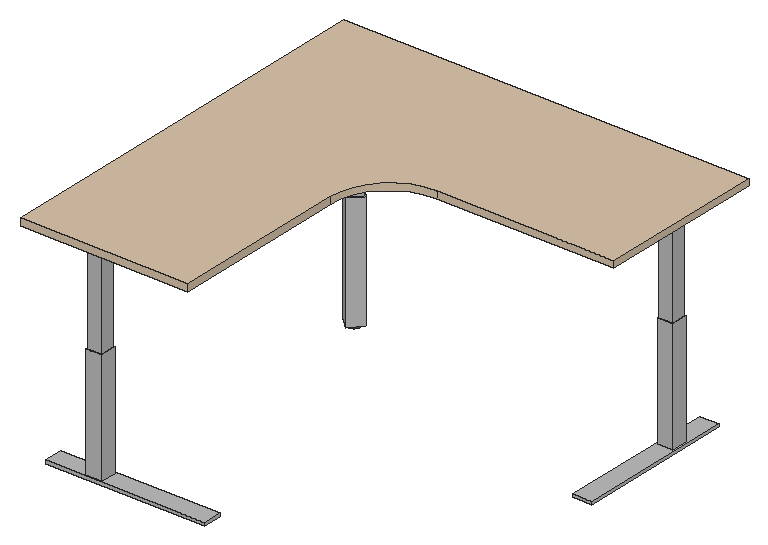
Revit family "Haworth_Planes_HeightAdjustTable_Corner90_WrapAround", category Furniture Systems, Revit 2018
Family settings
  Round Connector Dimension = Use Diameter
  Part Type = Normal
  OmniClass Number = 23.40.70.14.64.21
  OmniClass Title = Systems Furniture
  Work Plane-Based = No
  Always vertical = Yes
  Cut with Voids When Loaded = No
  Shared = No
  Room Calculation Point = No
Parameters (values of type "70" x 70" x 29"")
  Width = 70"
  Warranty = "https://www.haworth.com/resources/product-info/warranties"
  URL - Product = "https://www.haworth.com/products/tables/height-adjustable/planes"
  Table Finish [instance] = Haworth _ Laminate _ Maple H-AE
  Table Edge Finish [instance] = Haworth _ Laminate _ Maple H-AE
  Radius = if(and(Depth > 22 1/2", Width < 40"), 4 1/4", 10 1/4")  # 10 1/4"
  Model = "TACR, TACE"  # constant formula
  Min/Max Width = "40-70 in. @ 6 in. increment"  # constant formula
  Min/Max Length = "46-70 in. @ 6 in. increment"  # constant formula
  Min/Max Depth = "23 or 29 in."  # constant formula
  Min. Height = 27"  # constant formula
  Min. Width = 40"  # constant formula
  Min. Depth = 23"  # constant formula
  Max. Height = 46"  # constant formula
  Max. Width = 70"  # constant formula
  Max. Depth = 29"  # constant formula
  Length = 70"
  URL = "www.haworth.com"
  Support Height = Actual Height - Top Thickness  # 38 13/16"
  Size = "Verify Final Dim. w/ Haworth"  # constant formula
  Revision Number = "2"  # constant formula
  Min. Length = 46"  # constant formula
  Max. Length = 70"  # constant formula
  Manufacturer = "Haworth"  # constant formula
  Leg Inset Length = if(Depth > 22 1/2", 6", 8")  # 6"
  Leg Finish [instance] = Haworth _ Paint _ Metallic Champagne
  Knife Edge = not(Edgeband)  # no
  Height = 40"
  Edgeband = yes
  Description = "Haworth Planes - HAT Corner-90 - WrapAround - 70\" x 70\" x 29\""
  Depth = 29"
  Custom Size = not(and(or(Width = 40", Width = 46", Width = 52", Width = 58", Width = 64", Width = 70"), or(Length = 46", Length = 52", Length = 58", Length = 64", Length = 70")))  # no
  Base Tube Finish = Haworth _ Paint _ Smoke
  Back Leg Offset = if(Actual Depth < 27", 6 3/32", 9 3/32")  # 9 3/32"
  Author = "Haworth (Hampton, Alias)"  # constant formula
  Assembly Code = "E2020200"
  Actual Width = if(Width > Max. Width, Max. Width, if(Width < Min. Width, Min. Width, Width))  # 70"
  Actual Length = if(Length > Max. Length, Max. Length, if(Length < Min. Length, Min. Length, Length))  # 70"
  Actual Height = if(Height > Max. Height, Max. Height, if(Height < Min. Height, Min. Height, Height))  # 40"
  Top Thickness = 1 3/16"  # constant formula
  Actual Depth = if(Depth > Max. Depth, Max. Depth, if(Depth < Min. Depth, Min. Depth, Depth))  # 29"
  23 Deep = Actual Depth < 27"  # no
Types (4): name | Width | Warranty | URL - Product | Length | Description | Depth | Back Leg Offset | Actual Width | Actual Length | Actual Depth | 23 Deep
  70" x 70" x 29" | 70" | "https://www.haworth.com/resources/product-info/warranties" | "https://www.haworth.com/products/tables/height-adjustable/planes" | 70" | "Haworth Planes - HAT Corner-90 - WrapAround - 70\" x 70\" x 29\"" | 29" | 9 3/32" | 70" | 70" | 29" | no
  52" x 52" x 23" | 52" | "www.haworth.com/en-us/Products/Pages/Certifications.aspx" | "http://www.haworth.com/en-us/Products/Furniture/Systems/Desking-Systems/Pages/Compose.aspx" | 52" | "Haworth Planes - HAT Corner-90 - WrapAround - 52\" x 52\" x 23\"" | 23" | 6 3/32" | 52" | 52" | 23" | yes
  46" x 58" x 23" | 46" | "www.haworth.com/en-us/Products/Pages/Certifications.aspx" | "http://www.haworth.com/en-us/Products/Furniture/Systems/Desking-Systems/Pages/Compose.aspx" | 58" | "Haworth Planes - HAT Corner-90 - WrapAround - 46\" x 58\" x 23\"" | 23" | 6 3/32" | 46" | 58" | 23" | yes
  64" x 70" x 29" | 64" | "www.haworth.com/en-us/Products/Pages/Certifications.aspx" | "http://www.haworth.com/en-us/Products/Furniture/Systems/Desking-Systems/Pages/Compose.aspx" | 70" | "Haworth Planes - HAT Corner-90 - WrapAround - 64\" x 70\" x 29\"" | 29" | 9 3/32" | 64" | 70" | 29" | no
Reference planes (in)
  plane 1 "Center F/B": y = -0.5
  plane 2 "Floor": z = 0
  plane 3 "Center L/R": x = 6
  plane 4 "Top": z = 40
  plane 5 "Table Bottom": z = 38.8125
  plane 6 "Back": y = 8.59375
  plane 7 "Left": x = -29
  plane 8 "Inside Front": y = -20.40625
  plane 9 "Right": x = 41
  plane 10 "Front": y = -61.40625
  plane 11 "Inside Right": x = 0
  plane 12: x = -19.90625
  plane 13 "masking region": z = 38
  plane 14 "Right Leg": x = 35
  plane 15 "Left Leg": y = -55.40625
  plane 16 "Center FB": y = -26.40625
  plane 17 "Centre Angle": through (-29, 8.59375, 48) normal (0.7071, 0.7071, 0)
  plane 18 "Leg Post Angle": through (-19.90625, -0.5, 48) normal (-0.7071, 0.7071, 0)
Dimensions and locks (in)
  "Actual Height": plane 4 "Top" to level
  "Top Thickness": plane 4 "Top" to plane 5 "Table Bottom"
  "Actual Width": plane 9 "Right" to plane 7 "Left"
  equal spacing: plane 9 "Right", plane 3 "Center L/R", plane 7 "Left"
  "Actual Depth": plane 6 "Back" to plane 8 "Inside Front"
  "Depth": plane 7 "Left" to plane 11 "Inside Right"
  "Actual Length": plane 6 "Back" to plane 10 "Front"
  locked: plane 4 "Top" to plane 13 "masking region" at 2
  "Leg Inset Length": plane 14 "Right Leg" to plane 9 "Right"
  "Leg Inset Length": plane 15 "Left Leg" to plane 10 "Front"
  "Back Leg Offset": plane 7 "Left" to plane 12
  "Back Leg Offset": plane 6 "Back" to plane 1 "Center F/B"
  equal spacing: plane 6 "Back", plane 16 "Center FB", plane 10 "Front"
  aligned and locked: plane 2 "Floor" to nested 1
  aligned and locked: plane 6 "Back" to nested 1
  aligned and locked: nested 1 to plane 7 "Left"
  aligned and locked: plane 2 "Floor" to nested 2
  aligned and locked: nested 3 to plane 2 "Floor"
  aligned and locked: nested 3 to plane 1 "Center F/B"
  aligned and locked: plane 14 "Right Leg" to nested 3
  aligned and locked: plane 15 "Left Leg" to nested 2
  aligned and locked: nested 2 to plane 12
  aligned and locked: plane 2 "Floor" to nested 4
  aligned and locked: plane 17 "Centre Angle" to nested 4
  aligned and locked: nested 4 to plane 18 "Leg Post Angle"
Nested families (in)
  nested 1: "Haworth_Planes_Worksurface_Corner90WrapAround_Part" at (-9, -26.40625, 0), type "Worksurface"
    with Actual Width 70", Actual Length 70", Actual Height 40", Actual Depth 29"
  nested 2: "Haworth_Support-Height_Adjustable_Leg_Part" at (-19.90625, -55.40625, 0) x (0, 1, 0) z (0, 0, 1), type "Leg"
    with Top Support Front 14 1/8", Leg Length Middle 9 1/8", Leg Length Front 19 5/16", Leg Length Back 8 1/8", Leg Height 38 13/16", Actual Depth 27 7/16", 29 Deep yes, 23 Deep no
  nested 3: "Haworth_Support-Height_Adjustable_Leg_Part" at (35, -0.5, 0) x (-1, 0, 0) z (0, 0, 1), type "Leg"
    with Top Support Front 14 1/8", Leg Length Middle 9 1/8", Leg Length Front 19 5/16", Leg Length Back 8 1/8", Leg Height 38 13/16", Actual Depth 27 7/16", 29 Deep yes, 23 Deep no
  nested 4: "Haworth_Support-Height_Adjustable_Leg-Post_Part" at (-19.90625, -0.5, 0) x (0.7071, 0.7071, 0) z (0, 0, 1), type "Leg"
Definition of nested family "Haworth_Planes_Worksurface_Corner90WrapAround_Part"
  Parameters (values of type "Worksurface")
    Warranty = "http://www.haworth.com/resources/product-info/warranties"
    URL - Product = ""
    URL = "www.haworth.com"
    Thickness = 1 3/16"  # constant formula
    Table Finish = none
    Table Edge Finish = none
    Size = "Verify Final Dim. w/ Haworth"  # constant formula
    Revision Number = ""
    Radius 2 = Radius + 2"  # 12 1/4"
    Radius = if(and(Actual Depth > 24", Actual Width < 42"), 4 1/4", 10 1/4")  # 10 1/4"
    Model = "Haworth Planes"  # constant formula
    Manufacturer = "Haworth"  # constant formula
    Knife Edge = no
    Edgeband = yes
    Description = "Haworth Planes Worksurface - Part"
    Author = "Haworth (Alias)"  # constant formula
    Assembly Code = ""
    Actual Width = 40"
    Actual Length = 40"
    Actual Height = 29"
    Actual Depth = 23"
  Reference planes (in)
    plane 1 "Center F/B": y = 15
    plane 2: z = 0
    plane 3 "Center L/R": x = 0
    plane 4 "Table Front": y = 35
    plane 5 "Table Right": x = 20
    plane 6 "Table Left": x = -20
    plane 7 "Table Back": y = -5
    plane 8 "Table Top": z = 29
    plane 9 "Table Bottom": z = 27.8125
    plane 10 "Knife Edge Middle": z = 28.625
    plane 11: through (-20, 35, 48) normal (0.7071, 0.7071, 0)
    plane 12 "Inside Flat 1": x = 3
    plane 13 "Inside Flat 2": y = 12
  Forms (in)
    Extrusion 1, solid, material <- "Table Finish", visible <- "Edgeband"
      sketch origin (0, 0, 0) x (1, 0, 0) y (0, 1, 0)
        loop
          line (-20, 35) -> (-20, -5) -> (3, -5) -> (3, 1.75)
          arc (3, 1.75) -> (6.00216, 8.99784) -> (13.25, 12) r 10.25
          line (13.25, 12) -> (20, 12) -> (20, 35) -> (-20, 35)
      from 27.8125 to 29
    Extrusion 2, solid, material <- "Table Finish", visible <- "Knife Edge"
      sketch origin (0, 0, 0) x (1, 0, 0) y (0, 1, 0)
        loop
          line (20, 12) -> (20, 35) -> (-20, 35) -> (-20, -5) -> (3, -5) -> (3, 1.75)
          arc (3, 1.75) -> (6.00216, 8.99784) -> (13.25, 12) r 10.25
          line (13.25, 12) -> (20, 12)
      from 29 to 28.625
    Blend 3, solid, material <- "Table Finish", visible <- "Knife Edge"
      base sketch origin (0, 0, 0) x (1, 0, 0) y (0, 1, 0)
        loop
          line (20, 14) -> (20, 35) -> (-20, 35) -> (-20, -5) -> (1, -5) -> (1, 1.75)
          arc (1, 1.75) -> (4.58794, 10.41206) -> (13.25, 14) r 12.25
          line (13.25, 14) -> (20, 14)
      top sketch origin (0, 0, 0) x (1, 0, 0) y (0, 1, 0)
        loop
          line (20, 12) -> (20, 35) -> (-20, 35) -> (-20, -5) -> (3, -5) -> (3, 1.75)
          arc (3, 1.75) -> (6.00216, 8.99784) -> (13.25, 12) r 10.25
          line (13.25, 12) -> (20, 12)
      from 27.8125 to 28.625
  Cuts and joins
    joined: Extrusion 2, Blend 3
  Lines and regions (in)
    Masking region 1
      outline origin (0, 0, 0) x (1, 0, 0) y (0, 1, 0)
        loop
          line (-20, 35) -> (-20, -5) -> (3, -5) -> (3, 1.75)
          arc (3, 1.75) -> (6.00216, 8.99784) -> (13.25, 12) r 10.25
          line (13.25, 12) -> (20, 12) -> (20, 35) -> (-20, 35)
    symbolic lines, visible <- "Knife Edge", detail levels medium+fine
      curve 1: line (1, 1.75, 0) -> (1, -5, 0)
      curve 2: arc (13.25, 14, 0) -> (4.58794, 10.41206, 0) -> (1, 1.75, 0) r 12.25
      curve 3: line (20, 14, 0) -> (13.25, 14, 0)
  Dimensions and locks (in)
    "Actual Width": plane 6 "Table Left" to plane 5 "Table Right"
    equal spacing: plane 6 "Table Left", plane 3 "Center L/R", plane 5 "Table Right"
    equal spacing: plane 4 "Table Front", plane 1 "Center F/B", plane 7 "Table Back"
    "Thickness": plane 8 "Table Top" to plane 9 "Table Bottom"
    "Actual Height": plane 8 "Table Top" to level
    locked: plane 8 "Table Top" to plane 10 "Knife Edge Middle" at 0.375
    "Actual Length": plane 4 "Table Front" to plane 7 "Table Back"
    "Actual Depth": plane 6 "Table Left" to plane 12 "Inside Flat 1"
    "Actual Depth": plane 13 "Inside Flat 2" to plane 4 "Table Front"
    locked: Blend 3 sketch curve to plane 12 "Inside Flat 1" at 2
    locked: plane 13 "Inside Flat 2" to Blend 3 sketch curve at 2
    "Radius": radius of Extrusion 1 sketch curve
    "Radius 2": radius of Blend 3 sketch curve
    "Radius": radius of Extrusion 2 sketch curve
    "Radius": radius of Blend 3 sketch curve
    "Radius": radius of Masking region 1 sketch curve
    aligned and locked: Extrusion 1 sketch curve to plane 4 "Table Front"
    aligned and locked: plane 8 "Table Top" to Extrusion 1
    aligned and locked: Extrusion 1 to plane 9 "Table Bottom"
    aligned and locked: Masking region 1 sketch curve to plane 7 "Table Back"
    aligned and locked: plane 6 "Table Left" to Masking region 1 sketch curve
    aligned and locked: Masking region 1 sketch curve to plane 4 "Table Front"
    aligned and locked: plane 5 "Table Right" to Masking region 1 sketch curve
    aligned and locked: cut or joined group of Extrusion 2, Blend 3 to plane 10 "Knife Edge Middle"
    aligned and locked: plane 8 "Table Top" to cut or joined group of Extrusion 2, Blend 3
    aligned and locked: Blend 3 to plane 10 "Knife Edge Middle"
    aligned and locked: Blend 3 to plane 9 "Table Bottom"
    aligned and locked: plane 7 "Table Back" to Extrusion 1 sketch curve
    aligned and locked: plane 5 "Table Right" to Extrusion 1 sketch curve
    aligned and locked: plane 6 "Table Left" to Extrusion 1 sketch curve
    aligned and locked: plane 7 "Table Back" to Blend 3 sketch curve  (x2)
    aligned and locked: Blend 3 sketch curve to plane 5 "Table Right"  (x2)
    aligned and locked: Blend 3 sketch curve to plane 6 "Table Left"  (x2)
    aligned and locked: plane 4 "Table Front" to Blend 3 sketch curve  (x2)
    aligned and locked: Extrusion 2 sketch curve to plane 5 "Table Right"
    aligned and locked: plane 12 "Inside Flat 1" to Extrusion 1 sketch curve
    aligned and locked: Extrusion 1 sketch curve to plane 13 "Inside Flat 2"
    aligned and locked: plane 7 "Table Back" to Extrusion 2 sketch curve
    aligned and locked: plane 4 "Table Front" to Extrusion 2 sketch curve
    aligned and locked: Extrusion 2 sketch curve to plane 6 "Table Left"
    aligned and locked: plane 12 "Inside Flat 1" to Extrusion 2 sketch curve
    aligned and locked: Extrusion 2 sketch curve to plane 13 "Inside Flat 2"
    aligned and locked: Blend 3 sketch curve to plane 13 "Inside Flat 2"
    aligned and locked: plane 12 "Inside Flat 1" to Blend 3 sketch curve
    aligned and locked: Masking region 1 sketch curve to plane 13 "Inside Flat 2"
    aligned and locked: plane 12 "Inside Flat 1" to Masking region 1 sketch curve
    aligned and locked: curve 2 to cut or joined group of Extrusion 2, Blend 3
    aligned and locked: curve 3 to cut or joined group of Extrusion 2, Blend 3
  Automatic sketch dimensions
    plane 7 "Table Back" to curve 1 = 0"
    curve 3 to plane 5 "Table Right" = 0"
Definition of nested family "Haworth_Support-Height_Adjustable_Leg_Part"
  Parameters (values of type "Leg")
    URL = "www.haworth.com"
    Top Support Front = if([29 Deep], 14 1/8", 8 1/8")  # 8 1/8"
    Note = "Verify Final Dim. w/ Haworth"  # constant formula
    Manufacturer = "Haworth"  # constant formula
    Leg Length Middle = if([29 Deep], 9 1/8", 7 1/8")  # 7 1/8"
    Leg Length Front = if([29 Deep], 19 5/16", 16 5/16")  # 16 5/16"
    Leg Length Back = if([29 Deep], 8 1/8", 5 1/8")  # 5 1/8"
    Leg Height = 27 13/16"
    Leg Finish = none
    Glide Finish = none
    Base Tube Finish = none
    Assembly Code = ""
    Actual Depth = if([29 Deep], 27 7/16", 21 7/16")  # 21 7/16"
    29 Deep = not([23 Deep])  # no
    23 Deep = yes
  Reference planes (in)
    plane 1 "Center (Front/Back)": y = 0
    plane 2 "Bottom": z = 0
    plane 3 "Center (Left/Right)": x = 0
    plane 4 "Bottom of Top": z = 27.8125
    plane 5: z = 0.375
    plane 6: y = 2.4375
    plane 7: y = -12.125
    plane 8: x = 1.375
    plane 9: x = -1.375
    plane 10: x = -1.625
    plane 11: x = 1.625
    plane 12: y = 5.125
    plane 13: y = -16.3125
    plane 14: y = -14.9375
    plane 15: y = 3.9375
    plane 16 "Support Bottom": z = 25.1875
    plane 17: y = 7.875
    plane 18: y = -8.125
    plane 19 "Top Base": z = 0.875
    plane 20 "Top of Leg": z = 20.4375
  Forms (in)
    Extrusion 1, solid, material <- "Leg Finish"
      sketch origin (0, 0, 0) x (0, -1, 0) y (0, 0, -1)
        loop
          line (16.3125, -0.375) -> (-5.125, -0.375) -> (-5.125, -0.875) -> (16.3125, -0.875) -> (16.3125, -0.375)
      from -1.625 to 1.625
    Extrusion 2, solid, material <- "Leg Finish"
      sketch origin (0, 0, 2.5625) x (-1, 0, 0) y (0, -1, 0)
        loop
          line (1.375, -1.375) -> (1.375, 1.375) -> (-1.375, 1.375) -> (-1.375, -1.375) -> (1.375, -1.375)
      from -1.6875 to 17.875
    Extrusion 3, solid, material <- "Leg Finish"
      sketch origin (-1.375, -19.87459, 48) x (0, -1, 0) y (0, 0, -1)
        loop
          line (-10.24959, 20.1875) -> (-10.24959, 21.66628) -> (-16.14638, 22.8125) -> (-20.66006, 22.8125) -> (-26.24959, 20.55418) -> (-26.24959, 20.1875) -> (-10.24959, 20.1875)
      from 0 to -0.125
    Extrusion 4, solid, material <- "Base Tube Finish"
      sketch origin (0, 0, 2.5625) x (-1, 0, 0) y (0, -1, 0)
        loop
          line (1.1875, -1.1875) -> (1.1875, 1.1875) -> (-1.1875, 1.1875) -> (-1.1875, -1.1875) -> (1.1875, -1.1875)
      from 17.875 to 25.25
    Extrusion 5, solid, material <- "Glide Finish"
      sketch origin (0, 0, 0) x (1, 0, 0) y (0, 1, 0)
        loop
          circle (0, 2.4375) r 1.12339
        loop
          circle (0, -12.125) r 1.12816
      from 0 to 0.375
  Cuts and joins
    joined: Extrusion 1, Extrusion 2
  Lines and regions (in)
    Masking region 1, detail levels medium+fine
      outline origin (0, 0, 0) x (1, 0, 0) y (0, 1, 0)
        loop
          line (-1.625, -16.3125) -> (1.625, -16.3125) -> (1.625, 5.125) -> (-1.625, 5.125) -> (-1.625, -16.3125)
    symbolic lines, detail levels medium+fine
      curve 1: line (-1.375, 1.375, 0) -> (1.375, 1.375, 0)
      curve 2: line (-1.375, -1.375, 0) -> (-1.375, 1.375, 0)
      curve 3: line (1.375, -1.375, 0) -> (-1.375, -1.375, 0)
      curve 4: line (1.375, 1.375, 0) -> (1.375, -1.375, 0)
  Dimensions and locks (in)
    "Leg Height": plane 4 "Bottom of Top" to level
    level to plane 5 = 3/8"
    locked: plane 9 to plane 8 at 2.75
    locked: plane 10 to plane 11 at 3.25
    equal spacing: plane 10, plane 3 "Center (Left/Right)", plane 11
    equal spacing: plane 9, plane 3 "Center (Left/Right)", plane 8
    locked: plane 4 "Bottom of Top" to plane 16 "Support Bottom" at 2.625
    Extrusion 2 sketch curve to plane 1 "Center (Front/Back)" to Extrusion 2 sketch curve = 1 3/8", 1 3/8"
    "Leg Length Front": plane 13 to plane 1 "Center (Front/Back)"
    "Leg Length Back": plane 1 "Center (Front/Back)" to plane 12
    locked: plane 13 to plane 14 at 1.375
    locked: plane 14 to plane 7 at 2.8125
    locked: plane 15 to plane 12 at 1.1875
    locked: plane 6 to plane 15 at 1.5
    plane 1 "Center (Front/Back)" to plane 12 = 5 1/8"
    "Top Support Front": plane 18 to plane 1 "Center (Front/Back)"
    plane 19 "Top Base" to plane 5 to plane 2 "Bottom" = 1/2" locked, 3/8" locked
    locked: plane 20 "Top of Leg" to plane 2 "Bottom" at 20.4375
    angle plane 4 "Bottom of Top" to Extrusion 3 sketch curve = 22.00°
    angle Extrusion 3 sketch curve to plane 4 "Bottom of Top" = 11.00°
    aligned and locked: plane 11 to Extrusion 1
    aligned and locked: Extrusion 1 to plane 10
    aligned and locked: plane 9 to Extrusion 2 sketch curve
    aligned and locked: Extrusion 2 sketch curve to plane 8
    aligned: plane 4 "Bottom of Top" to Extrusion 2
    aligned and locked: Extrusion 3 sketch curve to plane 16 "Support Bottom"
    aligned and locked: Extrusion 3 sketch curve to plane 4 "Bottom of Top"
    aligned and locked: plane 4 "Bottom of Top" to Extrusion 4
    aligned and locked: Extrusion 2 to Extrusion 1
    aligned and locked: Masking region 1 sketch curve to plane 11
    aligned and locked: plane 10 to Masking region 1 sketch curve
    aligned and locked: plane 13 to Masking region 1 sketch curve
    aligned and locked: curve 1 to cut or joined group of Extrusion 1, Extrusion 2
    aligned and locked: curve 2 to cut or joined group of Extrusion 1, Extrusion 2
    aligned and locked: curve 3 to cut or joined group of Extrusion 1, Extrusion 2
    aligned and locked: curve 4 to cut or joined group of Extrusion 1, Extrusion 2
    aligned and locked: Extrusion 5 to plane 2 "Bottom"
    aligned and locked: plane 5 to cut or joined group of Extrusion 1, Extrusion 2
    aligned and locked: Extrusion 5 to plane 5
    aligned and locked: plane 19 "Top Base" to cut or joined group of Extrusion 1, Extrusion 2
    aligned and locked: cut or joined group of Extrusion 1, Extrusion 2 to plane 19 "Top Base"
    aligned and locked: plane 20 "Top of Leg" to cut or joined group of Extrusion 1, Extrusion 2
    aligned and locked: Extrusion 4 to plane 20 "Top of Leg"
    aligned and locked: Extrusion 4 to plane 4 "Bottom of Top"
  Automatic sketch dimensions
    plane 17 to Extrusion 3 sketch curve = 1 1/2"
    plane 18 to Extrusion 3 sketch curve = 1 1/2"
    plane 1 "Center (Front/Back)" to Extrusion 3 sketch curve = 0.78546"
    Extrusion 3 sketch curve to plane 1 "Center (Front/Back)" = 3.72822"
    Extrusion 4 sketch curve to plane 8 = 3/16"
    plane 9 to Extrusion 4 sketch curve = 3/16"
    Extrusion 4 sketch curve to plane 1 "Center (Front/Back)" = 1 3/16"
    plane 1 "Center (Front/Back)" to Extrusion 4 sketch curve = 1 3/16"
    Extrusion 5 sketch curve to plane 3 "Center (Left/Right)" = 0"  (x2)
    Extrusion 5 sketch curve to plane 7 = 0"
    Extrusion 5 sketch curve to plane 6 = 0"
    Extrusion 1 sketch curve to plane 12 = 0"
    Extrusion 1 sketch curve to plane 13 = 0"
    Extrusion 1 sketch curve to level = 3/8"
    Extrusion 1 sketch curve to Extrusion 1 sketch curve = 1/2"
    Masking region 1 sketch curve to plane 12 = 0"
    radius of Extrusion 5 sketch curve = 1.12339"
    radius of Extrusion 5 sketch curve = 1.12816"
Definition of nested family "Haworth_Support-Height_Adjustable_Leg-Post_Part"
  Parameters (values of type "Leg")
    URL = "www.haworth.com"
    Support Finish = none
    Note = "Verify Final Dim. w/ Haworth"  # constant formula
    Manufacturer = "Haworth"  # constant formula
    Leg Height = 38 13/16"
    Leg Finish = none
    Glide Finish = none
    Assembly Code = ""
  Reference planes (in)
    plane 1 "Center (Front/Back)": y = 0
    plane 2 "Bottom": z = 0
    plane 3 "Center (Left/Right)": x = 0
    plane 4 "Bottom of Top": z = 38.8125
    plane 5: z = 0.375
    plane 6: x = 1.375
    plane 7: x = -1.375
    plane 8 "Top of Leg": z = 20.4375
    plane 9: y = 8.03721
    plane 10: y = -8.03721
  Forms (in)
    Extrusion 1, solid, material <- "Leg Finish"
      sketch origin (0, 0, 2.5625) x (-1, 0, 0) y (0, -1, 0)
        loop
          line (1.375, -1.375) -> (1.375, 1.375) -> (-1.375, 1.375) -> (-1.375, -1.375) -> (1.375, -1.375)
      from -2.1875 to 17.875
    Extrusion 2, solid, material <- "Support Finish"
      sketch origin (0, 0, 2.5625) x (-1, 0, 0) y (0, -1, 0)
        loop
          line (1.1875, -1.1875) -> (1.1875, 1.1875) -> (-1.1875, 1.1875) -> (-1.1875, -1.1875) -> (1.1875, -1.1875)
      from 17.875 to 36.25
    Extrusion 3, solid, material <- "Glide Finish"
      sketch origin (0, 0, 0) x (1, 0, 0) y (0, 1, 0)
        loop
          circle (0, 0) r 1.12339
      from 0 to 0.375
  Lines and regions (in)
    Masking region 1, detail levels medium+fine
      outline origin (0, 0, 0) x (1, 0, 0) y (0, 1, 0)
        loop
          line (-1.375, 1.375) -> (-1.375, -1.375) -> (1.375, -1.375) -> (1.375, 1.375) -> (-1.375, 1.375)
  Dimensions and locks (in)
    level to plane 5 = 3/8"
    locked: plane 7 to plane 6 at 2.75
    equal spacing: plane 7, plane 3 "Center (Left/Right)", plane 6
    Extrusion 1 sketch curve to plane 1 "Center (Front/Back)" to Extrusion 1 sketch curve = 1 3/8", 1 3/8"
    plane 8 "Top of Leg" to level = 20 7/16"
    plane 3 "Center (Left/Right)" to Extrusion 1 = 1 3/8"
    locked: plane 8 "Top of Leg" to plane 2 "Bottom" at 20.4375
    locked: plane 5 to plane 2 "Bottom" at 0.375
    "Leg Height": plane 4 "Bottom of Top" to plane 2 "Bottom"
    aligned and locked: plane 7 to Extrusion 1 sketch curve
    aligned and locked: Extrusion 1 sketch curve to plane 6
    aligned: plane 4 "Bottom of Top" to Extrusion 1
    aligned and locked: plane 4 "Bottom of Top" to Extrusion 2
    aligned and locked: Extrusion 3 to plane 2 "Bottom"
    aligned and locked: Extrusion 3 to plane 5
    aligned and locked: plane 5 to Extrusion 1
    aligned and locked: plane 8 "Top of Leg" to Extrusion 1
    aligned and locked: Extrusion 2 to plane 8 "Top of Leg"
    aligned and locked: Extrusion 2 to plane 4 "Bottom of Top"
    aligned and locked: Masking region 1 sketch curve to Extrusion 1  (x4)
  Automatic sketch dimensions
    Extrusion 2 sketch curve to plane 6 = 3/16"
    plane 7 to Extrusion 2 sketch curve = 3/16"
    Extrusion 2 sketch curve to plane 1 "Center (Front/Back)" = 1 3/16"
    plane 1 "Center (Front/Back)" to Extrusion 2 sketch curve = 1 3/16"
    Extrusion 3 sketch curve to plane 3 "Center (Left/Right)" = 0"
    plane 1 "Center (Front/Back)" to Extrusion 3 sketch curve = 0"
    radius of Extrusion 3 sketch curve = 1.12339"
